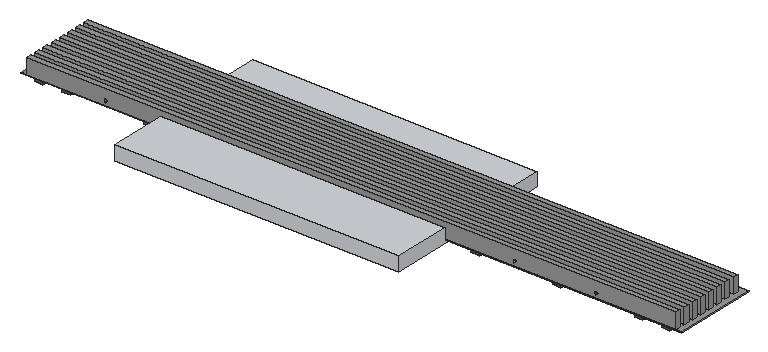
Revit family "1413-8, Veneer", category Generic Models, host Face, Revit 2020
Family settings
  Host = Face
  Can host rebar = No
  Round Connector Dimension = Use Diameter
  Part Type = Normal
  Cut with Voids When Loaded = No
  Shared = No
  Room Calculation Point = No
Parameters
  min_value [instance] = 2' - 4"  # constant formula
  max_value [instance] = 9' - 11 1/4"  # constant formula
  actual_value [instance] = if(NET LENGTH < min_value, min_value, if(NET LENGTH > max_value, max_value, NET LENGTH))  # 7' - 11 1/4"
  SCRIM MATERIAL [instance] = SCRIM
  SCRIM APPEARANCE [instance] = yes
  NET LENGTH [instance] = 7' - 11 1/4"
  IMPORTANT NOTE!!!                                                                             *Backer & dowel layout is for visualization purposes only, final layout to be determined by 9Wood. [instance] = ""
  Default Elevation = 4' - 0"
  DOWEL RADIUS [instance] = 0' - 0 1/4"  # constant formula
  BACKER & DOWEL MATERIAL [instance] = BLACK-BACKERS
  .. MEMBER WIDTH [instance] = 0' - 0 3/4"  # constant formula
  .. MEMBER MATERIAL [instance] = Veneer Cherry
  .. MEMBER DEPTH [instance] = 0' - 2 1/4"  # constant formula
  .. MEMBER COUNT [instance] = 8  # constant formula
Reference planes (in)
  plane 1 "Center (Front/Back)": y = 0
  plane 2: z = 0
  plane 3 "Center (Left/Right)": x = 0
Forms (in)
  Extrusion 1, solid
    sketch origin (0, 0, 0) x (1, 0, 0) y (0, 1, 0)
      loop
        line (-24.24823, 14.63962) -> (-24.24823, -10.69266) -> (17.36192, -10.69266) -> (17.36192, 14.63962) -> (-24.24823, 14.63962)
    from 0 to 2.0625
Dimensions and locks (in)
  aligned and locked: plane 2 to Extrusion 1
Nested families (in)
  nested 1: "1400 series" at (-44.01308, -2.1224, 0.00189), NET LENGTH <- "actual_value", .. MEMBER DEPTH <- ".. MEMBER DEPTH", .. MEMBER WIDTH <- ".. MEMBER WIDTH", DOWEL RADIUS <- "DOWEL RADIUS", BACKER & DOWEL MATERIAL <- "BACKER & DOWEL MATERIAL", .. MEMBER MATERIAL <- ".. MEMBER MATERIAL", SCRIM MATERIAL <- "SCRIM MATERIAL", MEMBER COUNT <- ".. MEMBER COUNT", SCRIM APPEARANCE <- "SCRIM APPEARANCE", type "1400 series"
    with X 7' - 8", SCRIM MATERIAL SCRIM, SCRIM LENGTH 8' - 1", SCRIM APPEARANCE yes, SCRIM 2 0' - 0 7/8", SCRIM 1 0' - 0 3/32", OC TYP 1' - 0", NET LENGTH 7' - 11 1/4", N 8, MEMBER COUNT 8, INSET 2 0' - 0 3/16", INSET 0' - 1", HALF MEMBER WIDTH 0' - 0 3/8", END BACKER yes, DOWEL RADIUS 0' - 0 1/4", DOWEL INDEX 0' - 11 5/8", DOWEL COUNT 7, BACKING M COUNT 8, BACKER WIDTH 0' - 1 1/4", BACKER INDEX 0' - 5 5/8", BACKER DEPTH 0' - 0 1/2", BACKER & DOWEL MATERIAL BLACK-BACKERS, BACKER &  DOWEL LENGTH 0' - 11 7/8", .. MEMBER WIDTH 0' - 0 3/4", .. MEMBER OC TYP 0' - 1 1/2", .. MEMBER MATERIAL Veneer Cherry, .. MEMBER DEPTH 0' - 2 1/4"
Definition of nested family "1400 series"
  Parameters (values of type "1400 series")
    X [instance] = NET LENGTH - 0' 3 1/4"  # 7' - 2"
    SCRIM MATERIAL [instance] = none
    SCRIM APPEARANCE [instance] = yes
    SCRIM 2 [instance] = 0' - 0 7/8"  # constant formula
    SCRIM 1 [instance] = 0' - 0 3/32"  # constant formula
    OC TYP [instance] = 1' - 0"  # constant formula
    N [instance] = if((X - (rounddown(X / 1' 0") * 1' 0")) > 1' 0", rounddown(X / 1' 0") + 2, rounddown(X / 1' 0") + 1)  # 8
    MEMBER COUNT [instance] = 2
    INSET 5 = 0' - 0 11/16"  # constant formula
    INSET 2 [instance] = 0' - 0 3/16"  # constant formula
    INSET [instance] = 0' - 1"  # constant formula
    END BACKER [instance] = BACKER INDEX > 0' 3 5/8"  # no
    HALF MEMBER WIDTH [instance] = .. MEMBER WIDTH / 2  # 0' - 1 1/8"
    Default Elevation = 0' - 0"
    DOWEL RADIUS [instance] = 0' - 0 1/4"
    DOWEL INDEX [instance] = BACKER INDEX + 0' 6"  # 0' - 8 5/8"
    DOWEL COUNT [instance] = N - 1  # 7
    BACKER WIDTH [instance] = 0' - 1 1/4"  # constant formula
    BACKER INDEX [instance] = (NET LENGTH - ((N - 1) * 1' 0")) / 2  # 0' - 2 5/8"
    BACKER DEPTH [instance] = 0' - 0 1/2"  # constant formula
    BACKING M COUNT [instance] = N  # 8
    BACKER & DOWEL MATERIAL [instance] = none
    BACKER &  DOWEL LENGTH [instance] = 0' - 11 7/8"  # constant formula
    SCRIM LENGTH [instance] = NET LENGTH + (SCRIM 2 * 2)  # 7' - 7"
    .. MEMBER WIDTH [instance] = 0' - 2 1/4"
    .. MEMBER OC TYP [instance] = 1' 0" / MEMBER COUNT  # 0' - 6"
    .. MEMBER MATERIAL [instance] = none
    NET LENGTH [instance] = 7' - 5 1/4"
    .. MEMBER DEPTH [instance] = 0' - 4"
  Reference planes (in)
    plane 1 "Center (Front/Back)": y = 0
    plane 2: z = 0
    plane 3 "Center (Left/Right)": x = 0
    plane 4: x = 89.25
    plane 5: x = 1
    plane 6: x = 88.25
    plane 7: x = 2.625
    plane 8: x = 8.625
    plane 9: x = 14.625
    plane 10: x = 20.625
    plane 11: y = 0.1875
    plane 12: y = 1.125
    plane 13: y = 7.125
    plane 14: y = 12.0625
    plane 15: x = 90.125
    plane 16: x = -0.875
    plane 17: y = 12.15625
    plane 18: y = -0.09375
    plane 19: z = 2.7097
    plane 20: z = 0.49811
    plane 21: z = 0.56061
    plane 22: z = 1.24811
  Lines and regions (in)
    model lines, not visible
      curve 1: line (8.625, 0, 0.99811) -> (8.625, 0, 1.49811)
      curve 2: line (8.625, 0, 1.49811) -> (8.375, 0, 1.24811)
      curve 3: line (8.375, 0, 1.24811) -> (8.875, 0, 1.24811)
      curve 4: line (20.625, 0, 0.99811) -> (20.625, 0, 1.49811)
      curve 5: line (20.625, 0, 1.49811) -> (20.375, 0, 1.24811)
      curve 6: line (20.375, 0, 1.24811) -> (20.875, 0, 1.24811)
      curve 7: line (32.625, 0, 0.99811) -> (32.625, 0, 1.49811)
      curve 8: line (32.625, 0, 1.49811) -> (32.375, 0, 1.24811)
      curve 9: line (32.375, 0, 1.24811) -> (32.875, 0, 1.24811)
      curve 10: line (44.625, 0, 0.99811) -> (44.625, 0, 1.49811)
      curve 11: line (44.625, 0, 1.49811) -> (44.375, 0, 1.24811)
      curve 12: line (44.375, 0, 1.24811) -> (44.875, 0, 1.24811)
      curve 13: line (56.625, 0, 0.99811) -> (56.625, 0, 1.49811)
      curve 14: line (56.625, 0, 1.49811) -> (56.375, 0, 1.24811)
      curve 15: line (56.375, 0, 1.24811) -> (56.875, 0, 1.24811)
      curve 16: line (68.625, 0, 0.99811) -> (68.625, 0, 1.49811)
      curve 17: line (68.625, 0, 1.49811) -> (68.375, 0, 1.24811)
      curve 18: line (68.375, 0, 1.24811) -> (68.875, 0, 1.24811)
      curve 19: line (80.625, 0, 0.99811) -> (80.625, 0, 1.49811)
      curve 20: line (80.625, 0, 1.49811) -> (80.375, 0, 1.24811)
      curve 21: line (80.375, 0, 1.24811) -> (80.875, 0, 1.24811)
  Dimensions and locks (in)
    "INSET": plane 3 "Center (Left/Right)" to plane 5
    "NET LENGTH": plane 3 "Center (Left/Right)" to plane 4
    "INSET": plane 6 to plane 4
    "BACKER INDEX": plane 3 "Center (Left/Right)" to plane 7
    "DOWEL INDEX": plane 3 "Center (Left/Right)" to plane 8
    "OC TYP": plane 7 to plane 9
    "OC TYP": plane 8 to plane 10
    "INSET 2": plane 1 "Center (Front/Back)" to plane 11
    equal spacing: group 1, group 2, group 5, group 6, group 7, group 13, group 14, group 16  (x3)
    equal spacing: group 3, group 4, group 8, group 9, group 10, group 15, group 17  (x3)
    group 11 to group 12 = 0' - 0"  (x2)
    group 11 to group 12 = 0' - 6"
    ".. MEMBER OC TYP": plane 13 to plane 12
    "HALF MEMBER WIDTH": plane 1 "Center (Front/Back)" to plane 12
    "SCRIM 2": plane 16 to plane 3 "Center (Left/Right)"
    "SCRIM 2": plane 4 to plane 15
    "SCRIM 1": plane 18 to plane 1 "Center (Front/Back)"
    "SCRIM 1": plane 17 to plane 14
    "INSET 5": plane 22 to plane 21
    aligned and locked: level to plane 2
    aligned and locked: plane 7 to nested 2
    aligned and locked: plane 5 to nested 1
    aligned and locked: plane 9 to nested 3
    aligned and locked: nested 1 to plane 5
    aligned and locked: nested 2 to plane 11
    aligned and locked: nested 1 to plane 11
    aligned and locked: nested 3 to plane 11
    aligned and locked: nested 4 to plane 11  (x2)
    aligned and locked: plane 10 to nested 5
    aligned and locked: plane 6 to nested 12
    aligned and locked: nested 5 to plane 11
    aligned and locked: plane 11 to nested 12
    aligned and locked: plane 12 to nested 13
    aligned and locked: nested 14 to plane 13
    aligned and locked: plane 14 to nested 8
    aligned and locked: plane 16 to nested 15
    aligned and locked: nested 15 to plane 18
    aligned and locked: nested 15 to plane 17
    aligned and locked: nested 15 to plane 16  (x2)
    aligned and locked: nested 1 to level
    aligned and locked: level to nested 3
    aligned and locked: plane 20 to nested 2
    aligned and locked: plane 20 to nested 1
    aligned and locked: plane 20 to nested 3
    aligned and locked: nested 12 to plane 20
    aligned and locked: nested 15 to plane 20
    aligned and locked: plane 21 to nested 15
    aligned and locked: nested 13 to plane 21
    aligned and locked: plane 22 to nested 4
    aligned and locked: plane 22 to nested 5
    aligned and locked: nested 13 to plane 8
    aligned and locked: plane 10 to nested 13
    aligned and locked: curve 1 to nested 13
    aligned and locked: nested 13 to curve 4
  Automatic sketch dimensions
    curve 3 to curve 1 = 0' - 0 1/4"  (x2)
    curve 1 to curve 3 = 0' - 0 1/4"
    curve 1 to curve 2 = 0' - 0 1/4"
    curve 6 to curve 4 = 0' - 0 1/4"  (x2)
    curve 4 to curve 6 = 0' - 0 1/4"
    curve 4 to curve 5 = 0' - 0 1/4"
    curve 9 to curve 7 = 0' - 0 1/4"  (x2)
    curve 7 to curve 9 = 0' - 0 1/4"
    curve 7 to curve 8 = 0' - 0 1/4"
    curve 12 to curve 10 = 0' - 0 1/4"  (x2)
    curve 10 to curve 12 = 0' - 0 1/4"
    curve 10 to curve 11 = 0' - 0 1/4"
    curve 15 to curve 13 = 0' - 0 1/4"  (x2)
    curve 13 to curve 15 = 0' - 0 1/4"
    curve 13 to curve 14 = 0' - 0 1/4"
    curve 18 to curve 16 = 0' - 0 1/4"  (x2)
    curve 16 to curve 18 = 0' - 0 1/4"
    curve 16 to curve 17 = 0' - 0 1/4"
    curve 21 to curve 19 = 0' - 0 1/4"  (x2)
    curve 19 to curve 21 = 0' - 0 1/4"
    curve 19 to curve 20 = 0' - 0 1/4"
  Nested families (in)
    nested 1: "INSTANCE - 3RD -  EXTEND BOTH SIDES - Parametric Cube.0001" at (1, 0.1875, 0.49811), Length <- "BACKER &  DOWEL LENGTH", Width <- "BACKER WIDTH", Height <- "BACKER DEPTH", Material <- "BACKER & DOWEL MATERIAL", visible <- "END BACKER", type "INSTANCE - 3RD -  EXTEND BOTH SIDES - Parametric Cube.0001"
      with Width 0' - 1 1/4", Material none, Length 0' - 11 7/8", Height 0' - 0 1/2"
    nested 2: "INSTANCE - 2ND -  EXTEND SIDE H CENTER W - Parametric Cube.0001" at (2.625, 0.1875, 0.49811), Width <- "BACKER WIDTH", Length <- "BACKER &  DOWEL LENGTH", Height <- "BACKER DEPTH", Material <- "BACKER & DOWEL MATERIAL", type "INSTANCE - 2ND -  EXTEND SIDE H CENTER W - Parametric Cube.0001"
      with Width 0' - 1 1/4", Material none, Length 0' - 11 7/8", Height 0' - 0 1/2"
    nested 3: "INSTANCE - 2ND -  EXTEND SIDE H CENTER W - Parametric Cube.0001" at (14.625, 0.1875, 0.49811), Width <- "BACKER WIDTH", Length <- "BACKER &  DOWEL LENGTH", Height <- "BACKER DEPTH", Material <- "BACKER & DOWEL MATERIAL", type "INSTANCE - 2ND -  EXTEND SIDE H CENTER W - Parametric Cube.0001"
      with Width 0' - 1 1/4", Material none, Length 0' - 11 7/8", Height 0' - 0 1/2"
    nested 4: "DOWEL" at (-1.375, 0.1875, 1.24811), DOWEL LENGTH <- "BACKER &  DOWEL LENGTH", DOWEL RADII <- "DOWEL RADIUS", BACKING MEM MATERIAL <- "BACKER & DOWEL MATERIAL", type "DOWEL"
      with DOWEL RADII 0' - 0 1/4", DOWEL LENGTH 0' - 11 7/8", BACKING MEM MATERIAL none
    nested 5: "DOWEL" at (10.625, 0.1875, 1.24811), DOWEL LENGTH <- "BACKER &  DOWEL LENGTH", DOWEL RADII <- "DOWEL RADIUS", BACKING MEM MATERIAL <- "BACKER & DOWEL MATERIAL", type "DOWEL"
      with DOWEL RADII 0' - 0 1/4", DOWEL LENGTH 0' - 11 7/8", BACKING MEM MATERIAL none
    nested 6: "INSTANCE - 2ND -  EXTEND SIDE H CENTER W - Parametric Cube.0001" at (26.625, 0.1875, 0.49811), Width <- "BACKER WIDTH", Length <- "BACKER &  DOWEL LENGTH", Height <- "BACKER DEPTH", Material <- "BACKER & DOWEL MATERIAL", type "INSTANCE - 2ND -  EXTEND SIDE H CENTER W - Parametric Cube.0001"
      with Width 0' - 1 1/4", Material none, Length 0' - 11 7/8", Height 0' - 0 1/2"
    nested 7: "INSTANCE - 2ND -  EXTEND SIDE H CENTER W - Parametric Cube.0001" at (38.625, 0.1875, 0.49811), Width <- "BACKER WIDTH", Length <- "BACKER &  DOWEL LENGTH", Height <- "BACKER DEPTH", Material <- "BACKER & DOWEL MATERIAL", type "INSTANCE - 2ND -  EXTEND SIDE H CENTER W - Parametric Cube.0001"
      with Width 0' - 1 1/4", Material none, Length 0' - 11 7/8", Height 0' - 0 1/2"
    nested 8: "INSTANCE - 2ND -  EXTEND SIDE H CENTER W - Parametric Cube.0001" at (50.625, 0.1875, 0.49811), Width <- "BACKER WIDTH", Length <- "BACKER &  DOWEL LENGTH", Height <- "BACKER DEPTH", Material <- "BACKER & DOWEL MATERIAL", type "INSTANCE - 2ND -  EXTEND SIDE H CENTER W - Parametric Cube.0001"
      with Width 0' - 1 1/4", Material none, Length 0' - 11 7/8", Height 0' - 0 1/2"
    nested 9: "DOWEL" at (22.625, 0.1875, 1.24811), DOWEL LENGTH <- "BACKER &  DOWEL LENGTH", DOWEL RADII <- "DOWEL RADIUS", BACKING MEM MATERIAL <- "BACKER & DOWEL MATERIAL", type "DOWEL"
      with DOWEL RADII 0' - 0 1/4", DOWEL LENGTH 0' - 11 7/8", BACKING MEM MATERIAL none
    nested 10: "DOWEL" at (34.625, 0.1875, 1.24811), DOWEL LENGTH <- "BACKER &  DOWEL LENGTH", DOWEL RADII <- "DOWEL RADIUS", BACKING MEM MATERIAL <- "BACKER & DOWEL MATERIAL", type "DOWEL"
      with DOWEL RADII 0' - 0 1/4", DOWEL LENGTH 0' - 11 7/8", BACKING MEM MATERIAL none
    nested 11: "DOWEL" at (46.625, 0.1875, 1.24811), DOWEL LENGTH <- "BACKER &  DOWEL LENGTH", DOWEL RADII <- "DOWEL RADIUS", BACKING MEM MATERIAL <- "BACKER & DOWEL MATERIAL", type "DOWEL"
      with DOWEL RADII 0' - 0 1/4", DOWEL LENGTH 0' - 11 7/8", BACKING MEM MATERIAL none
    nested 12: "INSTANCE - 3RD -  EXTEND BOTH SIDES - Parametric Cube.0001" at (88.25, 0.1875, 0.49811) x (-1, 0, 0) z (0, 0, 1), Width <- "BACKER WIDTH", Length <- "BACKER &  DOWEL LENGTH", Height <- "BACKER DEPTH", Material <- "BACKER & DOWEL MATERIAL", visible <- "END BACKER", type "INSTANCE - 3RD -  EXTEND BOTH SIDES - Parametric Cube.0001"
      with Width 0' - 1 1/4", Material none, Length 0' - 11 7/8", Height 0' - 0 1/2"
    nested 13: "HOLED MEMBER" at (0, -9.75, 8.12965), DOWEL INDEX <- "DOWEL INDEX", .. MEMBER LENGTH <- "NET LENGTH", .. MEMBER WIDTH <- ".. MEMBER WIDTH", DOWEL OC DIST <- "OC TYP", DOWEL RADII <- "DOWEL RADIUS", Material <- ".. MEMBER MATERIAL", DEPTH <- ".. MEMBER DEPTH", DOWEL COUNT <- "DOWEL COUNT", Space <- "INSET 5", type "HOLED MEMBER"
      with Space 0' - 0 11/16", Material none, Height 0' - 10.43096", HALF MEMBER WIDTH 0' - 1 1/8", DOWEL RADII 0' - 0 1/4", DOWEL OC DIST 1' - 0", DOWEL INDEX 0' - 8 5/8", DOWEL COUNT 7, DEPTH 0' - 4", .. MEMBER WIDTH 0' - 2 1/4", .. MEMBER LENGTH 7' - 5 1/4"
    nested 14: "HOLED MEMBER" at (0, -3.75, 8.12965), DOWEL INDEX <- "DOWEL INDEX", .. MEMBER LENGTH <- "NET LENGTH", .. MEMBER WIDTH <- ".. MEMBER WIDTH", DOWEL OC DIST <- "OC TYP", DOWEL RADII <- "DOWEL RADIUS", Material <- ".. MEMBER MATERIAL", DEPTH <- ".. MEMBER DEPTH", DOWEL COUNT <- "DOWEL COUNT", Space <- "INSET 5", type "HOLED MEMBER"
      with Space 0' - 0 11/16", Material none, Height 0' - 10.43096", HALF MEMBER WIDTH 0' - 1 1/8", DOWEL RADII 0' - 0 1/4", DOWEL OC DIST 1' - 0", DOWEL INDEX 0' - 8 5/8", DOWEL COUNT 7, DEPTH 0' - 4", .. MEMBER WIDTH 0' - 2 1/4", .. MEMBER LENGTH 7' - 5 1/4"
    nested 15: "INSTANCE - 3RD -  EXTEND BOTH SIDES - Parametric Cube.0001" at (-0.875, -0.09375, 0.56061), Width <- "SCRIM LENGTH", Material <- "SCRIM MATERIAL", visible <- "SCRIM APPEARANCE", type "INSTANCE - 3RD -  EXTEND BOTH SIDES - Parametric Cube.0001"
      with Width 7' - 7", Material none, Length 1' - 0 1/4", Height 0' - 0 1/16"
    nested 16: "INSTANCE - 2ND -  EXTEND SIDE H CENTER W - Parametric Cube.0001" at (62.625, 0.1875, 0.49811), Width <- "BACKER WIDTH", Length <- "BACKER &  DOWEL LENGTH", Height <- "BACKER DEPTH", Material <- "BACKER & DOWEL MATERIAL", type "INSTANCE - 2ND -  EXTEND SIDE H CENTER W - Parametric Cube.0001"
      with Width 0' - 1 1/4", Material none, Length 0' - 11 7/8", Height 0' - 0 1/2"
    nested 17: "INSTANCE - 2ND -  EXTEND SIDE H CENTER W - Parametric Cube.0001" at (74.625, 0.1875, 0.49811), Width <- "BACKER WIDTH", Length <- "BACKER &  DOWEL LENGTH", Height <- "BACKER DEPTH", Material <- "BACKER & DOWEL MATERIAL", type "INSTANCE - 2ND -  EXTEND SIDE H CENTER W - Parametric Cube.0001"
      with Width 0' - 1 1/4", Material none, Length 0' - 11 7/8", Height 0' - 0 1/2"
    nested 18: "DOWEL" at (58.625, 0.1875, 1.24811), DOWEL LENGTH <- "BACKER &  DOWEL LENGTH", DOWEL RADII <- "DOWEL RADIUS", BACKING MEM MATERIAL <- "BACKER & DOWEL MATERIAL", type "DOWEL"
      with DOWEL RADII 0' - 0 1/4", DOWEL LENGTH 0' - 11 7/8", BACKING MEM MATERIAL none
    nested 19: "INSTANCE - 2ND -  EXTEND SIDE H CENTER W - Parametric Cube.0001" at (86.625, 0.1875, 0.49811), Width <- "BACKER WIDTH", Length <- "BACKER &  DOWEL LENGTH", Height <- "BACKER DEPTH", Material <- "BACKER & DOWEL MATERIAL", type "INSTANCE - 2ND -  EXTEND SIDE H CENTER W - Parametric Cube.0001"
      with Width 0' - 1 1/4", Material none, Length 0' - 11 7/8", Height 0' - 0 1/2"
    nested 20: "DOWEL" at (70.625, 0.1875, 1.24811), DOWEL LENGTH <- "BACKER &  DOWEL LENGTH", DOWEL RADII <- "DOWEL RADIUS", BACKING MEM MATERIAL <- "BACKER & DOWEL MATERIAL", type "DOWEL"
      with DOWEL RADII 0' - 0 1/4", DOWEL LENGTH 0' - 11 7/8", BACKING MEM MATERIAL none
  Definition of nested family "INSTANCE - 3RD -  EXTEND BOTH SIDES - Parametric Cube.0001"
    Parameters (values of type "INSTANCE - 3RD -  EXTEND BOTH SIDES - Parametric Cube.0001")
      Width [instance] = 0' - 6"
      Material [instance] = none
      Length [instance] = 1' - 0"
      Height [instance] = 1' - 6"
      Default Elevation = 0' - 0"
    Reference planes (in)
      plane 1 "Center (Front/Back)": y = 0
      plane 2: z = 0
      plane 3 "Center (Left/Right)": x = 0
      plane 4: x = 6
      plane 5: y = 12
      plane 6: z = -18
    Forms (in)
      Extrusion 1, solid, material <- "Material"
        sketch origin (0, 6, 0) x (1, 0, 0) y (0, 1, 0)
          loop
            line (0, 6) -> (0, -6) -> (6, -6) -> (6, 6) -> (0, 6)
        from -18 to 0
    Dimensions and locks (in)
      "Height": plane 6 to level
      "Length": plane 1 "Center (Front/Back)" to plane 5
      "Width": plane 3 "Center (Left/Right)" to plane 4
      aligned and locked: plane 2 to level
      aligned and locked: Extrusion 1 sketch curve to plane 4
      aligned and locked: Extrusion 1 to plane 6
      aligned and locked: plane 5 to Extrusion 1
      aligned and locked: Extrusion 1 to plane 3 "Center (Left/Right)"
    Automatic sketch dimensions
      plane 1 "Center (Front/Back)" to Extrusion 1 sketch curve = 0' - 0"
      plane 5 to Extrusion 1 sketch curve = 0' - 0"
      Extrusion 1 sketch curve to plane 3 "Center (Left/Right)" = 0' - 0"
  Definition of nested family "INSTANCE - 2ND -  EXTEND SIDE H CENTER W - Parametric Cube.0001"
    Parameters (values of type "INSTANCE - 2ND -  EXTEND SIDE H CENTER W - Parametric Cube.0001")
      Width [instance] = 0' - 6"
      Material [instance] = none
      Length [instance] = 1' - 0"
      Height [instance] = 1' - 6"
      Default Elevation = 0' - 0"
    Reference planes (in)
      plane 1 "Center (Front/Back)": y = 0
      plane 2: z = 0
      plane 3 "Center (Left/Right)": x = 0
      plane 4: x = -3
      plane 5: x = 3
      plane 6: y = 12
      plane 7: z = -18
    Forms (in)
      Extrusion 1, solid, material <- "Material"
        sketch origin (0, 6, 0) x (1, 0, 0) y (0, 1, 0)
          loop
            line (-3, 6) -> (-3, -6) -> (3, -6) -> (3, 6) -> (-3, 6)
        from -18 to 0
    Dimensions and locks (in)
      equal spacing: plane 4, plane 3 "Center (Left/Right)", plane 5
      "Width": plane 4 to plane 5
      "Height": plane 7 to level
      "Length": plane 1 "Center (Front/Back)" to plane 6
      aligned and locked: plane 2 to level
      aligned and locked: plane 4 to Extrusion 1 sketch curve
      aligned and locked: Extrusion 1 sketch curve to plane 5
      aligned and locked: Extrusion 1 to plane 7
      aligned and locked: plane 6 to Extrusion 1
    Automatic sketch dimensions
      plane 1 "Center (Front/Back)" to Extrusion 1 sketch curve = 0' - 0"
      plane 6 to Extrusion 1 sketch curve = 0' - 0"
  Definition of nested family "DOWEL"
    Parameters (values of type "DOWEL")
      Default Elevation = 0' - 0"
      DOWEL RADII [instance] = 0' - 0 5/8"
      DOWEL LENGTH [instance] = 1' - 0"
      BACKING MEM MATERIAL [instance] = none
    Reference planes (in)
      plane 1 "Center (Front/Back)": y = 0
      plane 2: z = 0
      plane 3 "Center (Left/Right)": x = 0
      plane 4: y = 12
    Forms (in)
      Extrusion 1, solid, material <- "BACKING MEM MATERIAL"
        sketch origin (10, 0, 0) x (1, 0, 0) y (0, 0, 1)
          loop
            circle (0, 0) r 0.625
        from 0 to -12
      Extrusion 2, solid, not visible
        sketch origin (0, 0, 0) x (1, 0, 0) y (0, 0, 1)
          loop
            circle (0, 0) r 0.625
        from 0 to 12
      Extrusion 3, solid, not visible
        sketch origin (10, 0, 0) x (1, 0, 0) y (0, 0, 1)
          loop
            circle (0, 0) r 0.625
        from 0 to 2.5
      Extrusion 4, solid, not visible
        sketch origin (10, 0, 0) x (1, 0, 0) y (0, 0, 1)
          loop
            circle (0, 0) r 0.625
        from 0 to -12
    Lines and regions (in)
      model lines, not visible
        curve 1: line (-13, 0, 0) -> (-13, -12, 0)
        curve 2: line (13, 0, 0) -> (13, -12, 0)
        curve 3: line (9.89453, 0, 0) -> (10.08794, 0, 0)
        curve 4: line (9.89453, -2.5, 0) -> (10.08794, -2.5, 0)
        curve 6: line (10, 0, 0) -> (10, 2, 0)
      model lines
        curve 5: line (10, 0, 0) -> (10, 2, 0)
    Dimensions and locks (in)
      "DOWEL LENGTH": plane 1 "Center (Front/Back)" to plane 4
      "DOWEL RADII": radius of Extrusion 1 sketch curve
      "DOWEL RADII": radius of Extrusion 2 sketch curve
      "DOWEL RADII": radius of Extrusion 3 sketch curve
      "DOWEL RADII": radius of Extrusion 4 sketch curve
      "DOWEL RADII": radius of Extrusion 1
      aligned and locked: plane 2 to level
      aligned and locked: Extrusion 1 to plane 1 "Center (Front/Back)"  (x3)
      aligned and locked: plane 1 "Center (Front/Back)" to Extrusion 1
      aligned and locked: plane 4 to Extrusion 1
    Automatic sketch dimensions
      plane 1 "Center (Front/Back)" to curve 5 = 0' - 0"
      curve 5 to plane 1 "Center (Front/Back)" = 0' - 2"
      plane 3 "Center (Left/Right)" to curve 5 = 0' - 10"
      Extrusion 1 sketch curve to level = 0' - 0"
      plane 3 "Center (Left/Right)" to Extrusion 1 sketch curve = 0' - 10"
  Definition of nested family "HOLED MEMBER"
    Parameters (values of type "HOLED MEMBER")
      Space [instance] = 0' - 0 5/8"
      Material [instance] = none
      Height [instance] = 0' - 10.43096"
      HALF MEMBER WIDTH [instance] = .. MEMBER WIDTH / 2  # 0' - 0 5/16"
      Default Elevation = 0' - 0"
      DOWEL RADII [instance] = 0' - 0.34537"
      DOWEL OC DIST [instance] = 1' - 0"
      DOWEL INSET = 0' - 0 5/8"
      DOWEL INDEX [instance] = 0' - 5 5/8"
      DOWEL COUNT [instance] = 6
      DEPTH [instance] = 0' - 2"
      .. MEMBER WIDTH [instance] = 0' - 0 5/8"
      .. MEMBER LENGTH [instance] = 5' - 11 3/4"
    Reference planes (in)
      plane 1 "Center (Front/Back)": y = 12
      plane 2: z = -7.56904
      plane 3 "Center (Left/Right)": x = 0
      plane 4: x = 5.625
      plane 5: x = 17.625
      plane 6: y = 11.375
      plane 7: x = 71.75
      plane 8: y = 11.6875
      plane 9: z = -6.94404
      plane 10: z = -5.56904
    Forms (in)
      Extrusion 1, solid, material <- "Material"
        sketch origin (0, 12, -13.56904) x (1, 0, 0) y (0, 0, 1)
          loop
            line (0, 6) -> (71.75, 6) -> (71.75, 8) -> (0, 8) -> (0, 6)
        from 0.625 to 0
      Extrusion 2, void
        sketch origin (0, 12, -18.31904) x (1, 0, 0) y (0, 0, 1)
          loop
            circle (5.625, 11.375) r 0.34537
        from 0 to 12
      Extrusion 3, void, not visible
        sketch origin (0, 0, 0) x (1, 0, 0) y (0, 1, 0)
          loop
            circle (5.625, 11.375) r 0.34537
        from 0 to 12
      Extrusion 4, void, not visible
        sketch origin (0, 0, 0) x (1, 0, 0) y (0, 1, 0)
          loop
            circle (5.625, 11.375) r 0.34537
        from 0 to 12
      Extrusion 5, void, not visible
        sketch origin (12, 0, 0) x (1, 0, 0) y (0, 1, 0)
          loop
            circle (5.625, 11.375) r 0.34537
        from 0 to 12
      Extrusion 6, void, not visible
        sketch origin (0, 12, -17.56904) x (1, 0, 0) y (0, 0, 1)
          loop
            circle (5.625, 11.375) r 0.34537
        from 0 to 12
      Extrusion 7, void, not visible
        sketch origin (12, 12, -17.56904) x (1, 0, 0) y (0, 0, 1)
          loop
            circle (5.625, 11.375) r 0.34537
        from 0 to 12
      Extrusion 8, void, not visible
        sketch origin (0, 12, -19.56904) x (1, 0, 0) y (0, 0, 1)
          loop
            circle (5.625, 11.375) r 0.34537
        from 0 to 12
      Extrusion 9, void
        sketch origin (12, 12, -18.31904) x (1, 0, 0) y (0, 0, 1)
          loop
            circle (5.625, 11.375) r 0.34537
        from 0 to 12
      Extrusion 10, void
        sketch origin (24, 12, -18.31904) x (1, 0, 0) y (0, 0, 1)
          loop
            circle (5.625, 11.375) r 0.34537
        from 0 to 12
      Extrusion 11, void
        sketch origin (36, 12, -18.31904) x (1, 0, 0) y (0, 0, 1)
          loop
            circle (5.625, 11.375) r 0.34537
        from 0 to 12
      Extrusion 12, void
        sketch origin (48, 12, -18.31904) x (1, 0, 0) y (0, 0, 1)
          loop
            circle (5.625, 11.375) r 0.34537
        from 0 to 12
      Extrusion 13, void
        sketch origin (60, 12, -18.31904) x (1, 0, 0) y (0, 0, 1)
          loop
            circle (5.625, 11.375) r 0.34537
        from 0 to 12
      Extrusion 14, void, not visible
        sketch origin (24, 12, -17.56904) x (1, 0, 0) y (0, 0, 1)
          loop
            circle (5.625, 11.375) r 0.34537
        from 0 to 12
      Extrusion 15, void, not visible
        sketch origin (36, 12, -17.56904) x (1, 0, 0) y (0, 0, 1)
          loop
            circle (5.625, 11.375) r 0.34537
        from 0 to 12
      Extrusion 16, void, not visible
        sketch origin (48, 12, -17.56904) x (1, 0, 0) y (0, 0, 1)
          loop
            circle (5.625, 11.375) r 0.34537
        from 0 to 12
      Extrusion 17, void, not visible
        sketch origin (60, 12, -17.56904) x (1, 0, 0) y (0, 0, 1)
          loop
            circle (5.625, 11.375) r 0.34537
        from 0 to 12
      Extrusion 18, void, not visible
        sketch origin (24, 0, 0) x (1, 0, 0) y (0, 1, 0)
          loop
            circle (5.625, 11.375) r 0.34537
        from 0 to 12
      Extrusion 19, void, not visible
        sketch origin (36, 0, 0) x (1, 0, 0) y (0, 1, 0)
          loop
            circle (5.625, 11.375) r 0.34537
        from 0 to 12
      Extrusion 20, void, not visible
        sketch origin (48, 0, 0) x (1, 0, 0) y (0, 1, 0)
          loop
            circle (5.625, 11.375) r 0.34537
        from 0 to 12
      Extrusion 21, void, not visible
        sketch origin (60, 0, 0) x (1, 0, 0) y (0, 1, 0)
          loop
            circle (5.625, 11.375) r 0.34537
        from 0 to 12
    Cuts and joins
      Extrusion 2, Extrusion 9, Extrusion 10, Extrusion 11, Extrusion 12, Extrusion 13 cuts Extrusion 1
    Lines and regions (in)
      model lines, not visible
        curve 1: line (5.625, 11.72037, 0) -> (5.625, 11.02963, 0)
        curve 2: line (5.625, 11.72037, 0) -> (5.625, 11.02963, 0)
        curve 3: line (17.625, 11.72037, 0) -> (17.625, 11.02963, 0)
        curve 4: line (5.625, 12, -7.56904) -> (5.625, 11.87317, -7.56904)
        curve 5: line (5.625, 11.87317, -7.56904) -> (5.06195, 11.87317, -7.56904)
        curve 6: line (5.06195, 11.87317, -7.56904) -> (5.27963, 11.375, -7.56904)
        curve 7: line (0, 12, -6.19404) -> (0, 11.61951, -6.19404)
        curve 9: line (0, 11.375, -8.19404) -> (0, 11.6747, -8.19404)
        curve 10: line (5.625, 12, -7.56904) -> (5.625, 11.69863, -7.56904)
        curve 11: line (5.625, 12, -7.56904) -> (5.625, 11.69863, -7.56904)
        curve 12: line (5.625, 10.75, 0) -> (5.625, 10.75, 0.30137)
        curve 13: line (5.625, 10.75, 0) -> (5.625, 10.75, 0.30137)
        curve 14: line (17.625, 10.75, 0) -> (17.625, 10.75, 0.30137)
        curve 15: line (5.625, 12, -6.81904) -> (5.625, 11.69863, -6.81904)
        curve 16: line (17.625, 12, -6.81904) -> (17.625, 11.69863, -6.81904)
        curve 17: line (5.625, 12, -8.81904) -> (5.625, 11.69863, -8.81904)
        curve 18: line (17.625, 12, -7.56904) -> (17.625, 11.69863, -7.56904)
        curve 19: line (29.625, 12, -7.56904) -> (29.625, 11.69863, -7.56904)
        curve 20: line (41.625, 12, -7.56904) -> (41.625, 11.69863, -7.56904)
        curve 21: line (53.625, 12, -7.56904) -> (53.625, 11.69863, -7.56904)
        curve 22: line (65.625, 12, -7.56904) -> (65.625, 11.69863, -7.56904)
        curve 23: line (29.625, 12, -6.81904) -> (29.625, 11.69863, -6.81904)
        curve 24: line (41.625, 12, -6.81904) -> (41.625, 11.69863, -6.81904)
        curve 25: line (53.625, 12, -6.81904) -> (53.625, 11.69863, -6.81904)
        curve 26: line (65.625, 12, -6.81904) -> (65.625, 11.69863, -6.81904)
        curve 27: line (29.625, 11.72037, 0) -> (29.625, 11.02963, 0)
        curve 28: line (29.625, 10.75, 0) -> (29.625, 10.75, 0.30137)
        curve 29: line (41.625, 11.72037, 0) -> (41.625, 11.02963, 0)
        curve 30: line (41.625, 10.75, 0) -> (41.625, 10.75, 0.30137)
        curve 31: line (53.625, 11.72037, 0) -> (53.625, 11.02963, 0)
        curve 32: line (53.625, 10.75, 0) -> (53.625, 10.75, 0.30137)
        curve 33: line (65.625, 11.72037, 0) -> (65.625, 11.02963, 0)
        curve 34: line (65.625, 10.75, 0) -> (65.625, 10.75, 0.30137)
        curve 35: line (5.27963, 12, -6.94404) -> (5.97037, 12, -6.94404)
        curve 36: line (5.97037, 12, -6.94404) -> (5.625, 12, -6.59867)
        curve 37: line (5.625, 12, -6.59867) -> (5.625, 12, -7.28941)
        curve 38: line (5.27963, 11.375, 0) -> (5.97037, 11.375, 0)
        curve 39: line (5.97037, 11.375, 0) -> (5.625, 11.72037, 0)
        curve 40: line (5.625, 11.72037, 0) -> (5.625, 11.02963, 0)
        curve 41: line (5.27963, 11.375, 0) -> (5.97037, 11.375, 0)
        curve 42: line (5.97037, 11.375, 0) -> (5.625, 11.72037, 0)
        curve 43: line (5.625, 11.72037, 0) -> (5.625, 11.02963, 0)
        curve 44: line (17.27963, 11.375, 0) -> (17.97037, 11.375, 0)
        curve 45: line (17.97037, 11.375, 0) -> (17.625, 11.72037, 0)
        curve 46: line (17.625, 11.72037, 0) -> (17.625, 11.02963, 0)
        curve 47: line (5.27963, 12, -6.19404) -> (5.97037, 12, -6.19404)
        curve 48: line (5.97037, 12, -6.19404) -> (5.625, 12, -5.84867)
        curve 49: line (5.625, 12, -5.84867) -> (5.625, 12, -6.53941)
        curve 50: line (17.27963, 12, -6.19404) -> (17.97037, 12, -6.19404)
        curve 51: line (17.97037, 12, -6.19404) -> (17.625, 12, -5.84867)
        curve 52: line (17.625, 12, -5.84867) -> (17.625, 12, -6.53941)
        curve 53: line (5.27963, 12, -8.19404) -> (5.97037, 12, -8.19404)
        curve 54: line (5.97037, 12, -8.19404) -> (5.625, 12, -7.84867)
        curve 55: line (5.625, 12, -7.84867) -> (5.625, 12, -8.53941)
        curve 56: line (17.27963, 12, -6.94404) -> (17.97037, 12, -6.94404)
        curve 57: line (17.97037, 12, -6.94404) -> (17.625, 12, -6.59867)
        curve 58: line (17.625, 12, -6.59867) -> (17.625, 12, -7.28941)
        curve 59: line (29.27963, 12, -6.94404) -> (29.97037, 12, -6.94404)
        curve 60: line (29.97037, 12, -6.94404) -> (29.625, 12, -6.59867)
        curve 61: line (29.625, 12, -6.59867) -> (29.625, 12, -7.28941)
        curve 62: line (41.27963, 12, -6.94404) -> (41.97037, 12, -6.94404)
        curve 63: line (41.97037, 12, -6.94404) -> (41.625, 12, -6.59867)
        curve 64: line (41.625, 12, -6.59867) -> (41.625, 12, -7.28941)
        curve 65: line (53.27963, 12, -6.94404) -> (53.97037, 12, -6.94404)
        curve 66: line (53.97037, 12, -6.94404) -> (53.625, 12, -6.59867)
        curve 67: line (53.625, 12, -6.59867) -> (53.625, 12, -7.28941)
        curve 68: line (65.27963, 12, -6.94404) -> (65.97037, 12, -6.94404)
        curve 69: line (65.97037, 12, -6.94404) -> (65.625, 12, -6.59867)
        curve 70: line (65.625, 12, -6.59867) -> (65.625, 12, -7.28941)
        curve 71: line (29.27963, 12, -6.19404) -> (29.97037, 12, -6.19404)
        curve 72: line (29.97037, 12, -6.19404) -> (29.625, 12, -5.84867)
        curve 73: line (29.625, 12, -5.84867) -> (29.625, 12, -6.53941)
        curve 74: line (41.27963, 12, -6.19404) -> (41.97037, 12, -6.19404)
        curve 75: line (41.97037, 12, -6.19404) -> (41.625, 12, -5.84867)
        curve 76: line (41.625, 12, -5.84867) -> (41.625, 12, -6.53941)
        curve 77: line (53.27963, 12, -6.19404) -> (53.97037, 12, -6.19404)
        curve 78: line (53.97037, 12, -6.19404) -> (53.625, 12, -5.84867)
        curve 79: line (53.625, 12, -5.84867) -> (53.625, 12, -6.53941)
        curve 80: line (65.27963, 12, -6.19404) -> (65.97037, 12, -6.19404)
        curve 81: line (65.97037, 12, -6.19404) -> (65.625, 12, -5.84867)
        curve 82: line (65.625, 12, -5.84867) -> (65.625, 12, -6.53941)
        curve 83: line (29.27963, 11.375, 0) -> (29.97037, 11.375, 0)
        curve 84: line (29.97037, 11.375, 0) -> (29.625, 11.72037, 0)
        curve 85: line (29.625, 11.72037, 0) -> (29.625, 11.02963, 0)
        curve 86: line (41.27963, 11.375, 0) -> (41.97037, 11.375, 0)
        curve 87: line (41.97037, 11.375, 0) -> (41.625, 11.72037, 0)
        curve 88: line (41.625, 11.72037, 0) -> (41.625, 11.02963, 0)
        curve 89: line (53.27963, 11.375, 0) -> (53.97037, 11.375, 0)
        curve 90: line (53.97037, 11.375, 0) -> (53.625, 11.72037, 0)
        curve 91: line (53.625, 11.72037, 0) -> (53.625, 11.02963, 0)
        curve 92: line (65.27963, 11.375, 0) -> (65.97037, 11.375, 0)
        curve 93: line (65.97037, 11.375, 0) -> (65.625, 11.72037, 0)
        curve 94: line (65.625, 11.72037, 0) -> (65.625, 11.02963, 0)
      model lines
        curve 8: line (5.625, 12, -7.56904) -> (5.625, 11.69863, -7.56904)
    Dimensions and locks (in)
      "DOWEL INDEX": plane 3 "Center (Left/Right)" to plane 4
      "DOWEL OC DIST": plane 4 to plane 5
      ".. MEMBER LENGTH": plane 3 "Center (Left/Right)" to plane 7
      equal spacing: group 3, group 4, group 21, group 22, group 23, group 24  (x3)
      equal spacing: group 7, group 8, group 17, group 18, group 19, group 20  (x3)
      ".. MEMBER WIDTH": plane 6 to plane 1 "Center (Front/Back)"
      "HALF MEMBER WIDTH": plane 8 to plane 1 "Center (Front/Back)"
      equal spacing: group 1, group 12, group 13, group 14, group 15, group 16  (x2)
      equal spacing: group 16, group 15, group 14, group 13, group 12, group 1
      "DEPTH": plane 10 to level
      "Space": plane 9 to level
      "DOWEL RADII": radius of Extrusion 2 sketch curve
      "DOWEL RADII": radius of Extrusion 3 sketch curve
      "DOWEL RADII": radius of Extrusion 4 sketch curve
      "DOWEL RADII": radius of Extrusion 5 sketch curve
      "DOWEL RADII": radius of Extrusion 6 sketch curve
      "DOWEL RADII": radius of Extrusion 7 sketch curve
      "DOWEL RADII": radius of Extrusion 8 sketch curve
      "DOWEL RADII": radius of Extrusion 9 sketch curve
      "DOWEL RADII": radius of Extrusion 10 sketch curve
      "DOWEL RADII": radius of Extrusion 11 sketch curve
      "DOWEL RADII": radius of Extrusion 12 sketch curve
      "DOWEL RADII": radius of Extrusion 13 sketch curve
      "DOWEL RADII": radius of Extrusion 14 sketch curve
      "DOWEL RADII": radius of Extrusion 15 sketch curve
      "DOWEL RADII": radius of Extrusion 16 sketch curve
      "DOWEL RADII": radius of Extrusion 17 sketch curve
      "DOWEL RADII": radius of Extrusion 18 sketch curve
      "DOWEL RADII": radius of Extrusion 19 sketch curve
      "DOWEL RADII": radius of Extrusion 20 sketch curve
      "DOWEL RADII": radius of Extrusion 21 sketch curve
      aligned and locked: level to plane 2
      aligned and locked: Extrusion 1 to plane 3 "Center (Left/Right)"  (x2)
      aligned and locked: plane 7 to cut or joined group of Extrusion 1, Extrusion 2, Extrusion 9, Extrusion 10, Extrusion 11, Extrusion 12, Extrusion 13  (x2)
      aligned and locked: cut or joined group of Extrusion 1, Extrusion 2, Extrusion 9, Extrusion 10, Extrusion 11, Extrusion 12, Extrusion 13 to plane 1 "Center (Front/Back)"  (x2)
      aligned and locked: cut or joined group of Extrusion 1, Extrusion 2, Extrusion 9, Extrusion 10, Extrusion 11, Extrusion 12, Extrusion 13 to plane 6  (x2)
      aligned and locked: plane 4 to curve 11
      aligned and locked: curve 18 to plane 5
      aligned and locked: plane 4 to group 1
      aligned and locked: group 12 to plane 5
      aligned and locked: curve 35 to plane 9
      aligned and locked: plane 4 to curve 37
      aligned and locked: curve 56 to plane 9
      aligned and locked: curve 58 to plane 5
      aligned and locked: plane 10 to cut or joined group of Extrusion 1, Extrusion 2, Extrusion 9, Extrusion 10, Extrusion 11, Extrusion 12, Extrusion 13  (x2)
      aligned and locked: cut or joined group of Extrusion 1, Extrusion 2, Extrusion 9, Extrusion 10, Extrusion 11, Extrusion 12, Extrusion 13 to level
      aligned and locked: level to cut or joined group of Extrusion 1, Extrusion 2, Extrusion 9, Extrusion 10, Extrusion 11, Extrusion 12, Extrusion 13
    Automatic sketch dimensions
      curve 1 to curve 1 = 0' - 0.69074"
      curve 2 to curve 2 = 0' - 0.69074"
      curve 3 to curve 3 = 0' - 0.69074"
      Extrusion 1 sketch curve to plane 3 "Center (Left/Right)" = 0' - 0"
      Extrusion 1 sketch curve to plane 7 = 0' - 0"
      Extrusion 1 sketch curve to Extrusion 1 sketch curve = 0' - 2"
      Extrusion 1 sketch curve to level = 0' - 0"
      curve 8 to curve 8 = 0' - 0.30137"
      curve 10 to curve 10 = 0' - 0.30137"
      curve 8 to plane 4 = 0' - 0"
      plane 1 "Center (Front/Back)" to curve 8 = 0' - 0"
      plane 1 "Center (Front/Back)" to curve 8 = 0' - 0.30137"
      curve 11 to curve 11 = 0' - 0.30137"
      curve 12 to curve 12 = 0' - 0.30137"
      curve 13 to curve 13 = 0' - 0.30137"
      curve 14 to curve 14 = 0' - 0.30137"
      curve 15 to curve 15 = 0' - 0.30137"
      curve 16 to curve 16 = 0' - 0.30137"
      curve 17 to curve 17 = 0' - 0.30137"
      curve 18 to curve 18 = 0' - 0.30137"
      curve 19 to curve 19 = 0' - 0.30137"
      curve 20 to curve 20 = 0' - 0.30137"
      curve 21 to curve 21 = 0' - 0.30137"
      curve 22 to curve 22 = 0' - 0.30137"
      curve 23 to curve 23 = 0' - 0.30137"
      curve 24 to curve 24 = 0' - 0.30137"
      curve 25 to curve 25 = 0' - 0.30137"
      curve 26 to curve 26 = 0' - 0.30137"
      curve 27 to curve 27 = 0' - 0.69074"
      curve 28 to curve 28 = 0' - 0.30137"
      curve 29 to curve 29 = 0' - 0.69074"
      curve 30 to curve 30 = 0' - 0.30137"
      curve 31 to curve 31 = 0' - 0.69074"
      curve 32 to curve 32 = 0' - 0.30137"
      curve 33 to curve 33 = 0' - 0.69074"
      curve 34 to curve 34 = 0' - 0.30137"
      curve 37 to curve 35 = 0' - 0.34537"  (x2)
      curve 35 to curve 36 = 0' - 0.34537"
      curve 35 to curve 37 = 0' - 0.34537"
      curve 40 to curve 38 = 0' - 0.34537"  (x2)
      curve 38 to curve 39 = 0' - 0.34537"
      curve 38 to curve 40 = 0' - 0.34537"
      curve 43 to curve 41 = 0' - 0.34537"  (x2)
      curve 41 to curve 42 = 0' - 0.34537"
      curve 41 to curve 43 = 0' - 0.34537"
      curve 46 to curve 44 = 0' - 0.34537"  (x2)
      curve 44 to curve 45 = 0' - 0.34537"
      curve 44 to curve 46 = 0' - 0.34537"
      curve 49 to curve 47 = 0' - 0.34537"  (x2)
      curve 47 to curve 48 = 0' - 0.34537"
      curve 47 to curve 49 = 0' - 0.34537"
      curve 52 to curve 50 = 0' - 0.34537"  (x2)
      curve 50 to curve 51 = 0' - 0.34537"
      curve 50 to curve 52 = 0' - 0.34537"
      curve 55 to curve 53 = 0' - 0.34537"  (x2)
      curve 53 to curve 54 = 0' - 0.34537"
      curve 53 to curve 55 = 0' - 0.34537"
      curve 58 to curve 56 = 0' - 0.34537"  (x2)
      curve 56 to curve 57 = 0' - 0.34537"
      curve 56 to curve 58 = 0' - 0.34537"
      curve 61 to curve 59 = 0' - 0.34537"  (x2)
      curve 59 to curve 60 = 0' - 0.34537"
      curve 59 to curve 61 = 0' - 0.34537"
      curve 64 to curve 62 = 0' - 0.34537"  (x2)
      curve 62 to curve 63 = 0' - 0.34537"
      curve 62 to curve 64 = 0' - 0.34537"
      curve 67 to curve 65 = 0' - 0.34537"  (x2)
      curve 65 to curve 66 = 0' - 0.34537"
      curve 65 to curve 67 = 0' - 0.34537"
      curve 70 to curve 68 = 0' - 0.34537"  (x2)
      curve 68 to curve 69 = 0' - 0.34537"
      curve 68 to curve 70 = 0' - 0.34537"
      curve 73 to curve 71 = 0' - 0.34537"  (x2)
      curve 71 to curve 72 = 0' - 0.34537"
      curve 71 to curve 73 = 0' - 0.34537"
      curve 76 to curve 74 = 0' - 0.34537"  (x2)
      curve 74 to curve 75 = 0' - 0.34537"
      curve 74 to curve 76 = 0' - 0.34537"
      curve 79 to curve 77 = 0' - 0.34537"  (x2)
      curve 77 to curve 78 = 0' - 0.34537"
      curve 77 to curve 79 = 0' - 0.34537"
      curve 82 to curve 80 = 0' - 0.34537"  (x2)
      curve 80 to curve 81 = 0' - 0.34537"
      curve 80 to curve 82 = 0' - 0.34537"
      curve 85 to curve 83 = 0' - 0.34537"  (x2)
      curve 83 to curve 84 = 0' - 0.34537"
      curve 83 to curve 85 = 0' - 0.34537"
      curve 88 to curve 86 = 0' - 0.34537"  (x2)
      curve 86 to curve 87 = 0' - 0.34537"
      curve 86 to curve 88 = 0' - 0.34537"
      curve 91 to curve 89 = 0' - 0.34537"  (x2)
      curve 89 to curve 90 = 0' - 0.34537"
      curve 89 to curve 91 = 0' - 0.34537"
      curve 94 to curve 92 = 0' - 0.34537"  (x2)
      curve 92 to curve 93 = 0' - 0.34537"
      curve 92 to curve 94 = 0' - 0.34537"
